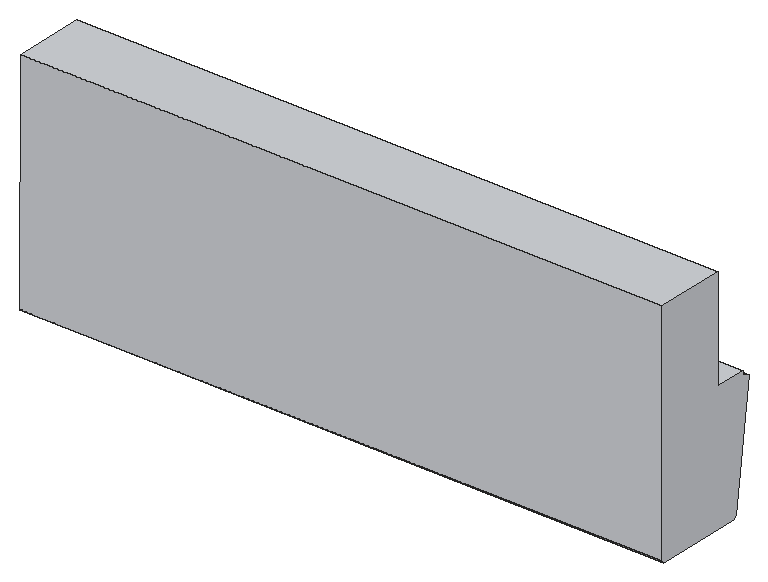
Revit family "KBE d=500_Precast-Console Beam_Spæncom", category Structural Framing, Revit 2014
Parameters (values of type "KBE 90/40")
  Structural Material [instance] = none
  Model = "KBE 90/40"
  Manufacturer = "Spæncom"
  Length [instance] = 3000 mm
  Height element = 900 mm
  Height (bjælkekroppen) = 400 mm
  Width (bjælkekroppen) = 273 mm  # constant formula
  Height console = 500 mm  # constant formula
  Width console = 150 mm  # constant formula
  Base width = 360 mm  # constant formula
Types (9, lengths in mm): name | Model | Height (bjælkekroppen)
  (no name) | "KBE 90/40" | 400
  KBE 100/50 | "KBE 100/50" | 500
  KBE 68/18 | "KBE 68/18" | 180
  KBE 72/22 | "KBE 72/22" | 220
  KBE 77/27 | "KBE 77/27" | 270
  KBE 80/30 | "KBE 80/30" | 300
  KBE 82/32 | "KBE 82/32" | 320
  KBE 87/37 | "KBE 87/37" | 370
  KBE 90/40 | "KBE 90/40" | 400
Reference planes
  plane 1 "Center (Front/Back)": y = 0
  plane 2 "Center Elevation": z = 0
  plane 3 "Center (Left/Right)": x = 0
  plane 4 "Left": x = -1500
  plane 5 "Member Left": x = -1250
  plane 6 "Stick Symbol Left": x = -1000
  plane 7 "Right": x = 1500
  plane 8 "Member Right": x = 1250
  plane 9 "Stick Symbol Right": x = 1000
  plane 10: through (0, 239.188, 475.016) normal (0, -0.9922, 0.125)
  plane 11: z = 500
  plane 12: z = 500
  plane 13: through (0, 239.188, 475.016) normal (0, -0.9922, 0.125)
Forms (mm)
  Extrusion 1, solid, material <- "Structural Material"
    sketch origin (-1500, 0, 0) x (0, -1, 0) y (0, 0, 1)
      loop
        line (180.664, 900) -> (-92.336, 900) -> (-92.336, 500) -> (-212.336, 500) -> (-212.336, 490) -> (-239.188, 475.016) -> (-180.586, 9.922) -> (-170.664, 0) -> (170.664, 0) -> (180.664, 10) -> (180.664, 900)
    from -2750 to -250
Dimensions and locks
  equal spacing: plane 4 "Left", plane 3 "Center (Left/Right)", plane 7 "Right"
  "Length": plane 4 "Left" to plane 7 "Right"
  "Height console": plane 11 to plane 2 "Center Elevation"
  "Base width": plane 10 to Extrusion 1
  "Height element": Extrusion 1 to level
  "Width (bjælkekroppen)": Extrusion 1 to Extrusion 1
  "Width console": plane 11 to Extrusion 1
  "Height (bjælkekroppen)": Extrusion 1 to Extrusion 1
  "Width console": plane 11 to Extrusion 1 sketch curve
  locked: plane 13 to Extrusion 1 sketch curve at 30
  aligned and locked: level to plane 2 "Center Elevation"
  aligned and locked: Extrusion 1 to plane 8 "Member Right"
  aligned and locked: plane 5 "Member Left" to Extrusion 1
  aligned and locked: Extrusion 1 to plane 10
  aligned and locked: Extrusion 1 to plane 11
  aligned and locked: Extrusion 1 to level
  aligned and locked: Extrusion 1 sketch curve to plane 11
  aligned and locked: Extrusion 1 sketch curve to plane 13
Automatic sketch dimensions
  Extrusion 1 sketch curve to level = 0 mm
  Extrusion 1 sketch curve to plane 1 "Center (Front/Back)" = 170.664 mm
  level to Extrusion 1 sketch curve = 9.922 mm
  plane 1 "Center (Front/Back)" to Extrusion 1 sketch curve = 170.664 mm
  level to Extrusion 1 sketch curve = 10 mm
  Extrusion 1 sketch curve to Extrusion 1 sketch curve = 10 mm
  Extrusion 1 sketch curve to plane 11 = 400 mm
  plane 11 to Extrusion 1 sketch curve = 10 mm
  plane 11 to Extrusion 1 sketch curve = 24.984 mm
